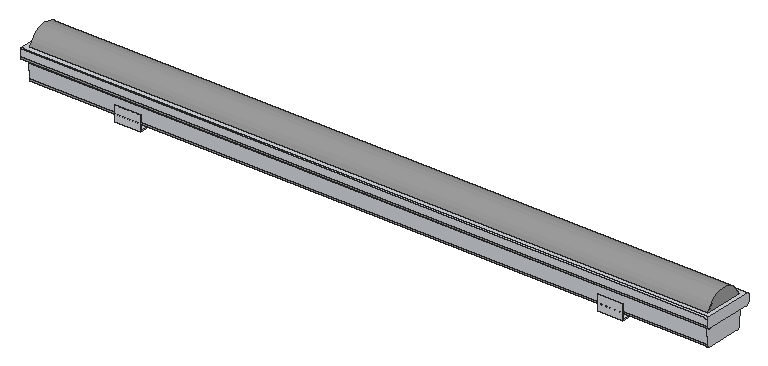
Revit family "0010234", category Lighting Fixtures, host Face, Revit 2017
Family settings
  Host = Face
  Round Connector Dimension = Use Diameter
  Part Type = Normal
  OmniClass Number = 23.80.70.00
  OmniClass Title = Lighting
  Cut with Voids When Loaded = No
  Light Source = Yes
  Shared = No
  Room Calculation Point = No
Parameters (values of type "0010234 RESISTO 1200 HE IP66 2800LM 840 EM")
  Weight = "2.12 kg"
  Wattage Comments = ""
  Wattage = 22 W
  WarrantyStartDate [instance] = "n/a"
  WarrantyGuarantorParts = "n/a"
  WarrantyDurationUnit = "n/a"
  WarrantyDurationParts = "n/a"
  WarrantyDescription = "n/a"
  WIDTH_SYL = 44.5 mm
  built-in parameter 1150110 = 1 (stored number, unit not read)
  Voltage = 0 V
  URL = "http://www.sylvania-lighting.com"
  TypeName = "Resisto  1200 HE IP66 2800lm 840 EM"
  Type Image = <None>
  Type Comments = "n/a"
  built-in parameter 1114217 = 1 (stored number, unit not read)
  Tilt Angle = -90.00°
  built-in parameter 1150109 = 1 (stored number, unit not read)
  built-in parameter 1150134 = 12
  TOP_WIDTH_SYL = 33.5 mm
  built-in parameter 1150113 = 1 (stored number, unit not read)
  SerialNumber [instance] = "n/a"
  Photometric Web File = "0010234.ies"
  Material_3_SYL = none
  PowerFactor = 0.95
  PowerConsumption = "22 W"
  NominalLength = 1200 mm
  NominalHeight = 80 mm
  NominalDepth = 87 mm
  Name = "Resisto  1200 HE IP66 2800lm 840 EM"
  ModelReference = Name  # "Resisto  1200 HE IP66 2800lm 840 EM"
  ModelNumber = "0010234"
  Model = Name  # "Resisto  1200 HE IP66 2800lm 840 EM"
  Material = "pc polycarbonate housing, pc polycarbonate diffuser"
  ManufacturerName = "Feilo Sylvania"
  Manufacturer = "Feilo Sylvania"
  MID_WIDTH_SYL = 36 mm
  LuminousEfficacy = "127 lm/W"
  built-in parameter 1150105 = 918.28 (stored number, unit not read)
  Lumens = 2794 lm
  LuminaireType = ""
  built-in parameter 1150115 = 1 (stored number, unit not read)
  LightOutputRatio = "n/a"
  built-in parameter 1150137 = (empty or 0)
  built-in parameter 1150139 = (empty or 0)
  LampsType = Lamp  # "LED"
  LampNominalLuminous = "2800 lm"
  LampMacAdamStep = "3"
  LampColourTemperature = "4000 K"
  LampColourRenderingIndex = "80"
  built-in parameter 1150112 = 1 (stored number, unit not read)
  built-in parameter 1150114 = 1 (stored number, unit not read)
  Lamp = "LED"
  LENGHT_SYL = if(L1500_SYL, 742 mm, if(L1200_SYL, 592 mm, 317 mm))  # 592 mm
  LENGHT_CHAMFER_SYL = if(L1500_SYL, 750 mm, if(L1200_SYL, 600 mm, 325 mm))  # 600 mm
  LENGHT_650_SYL = 325 mm
  LENGHT-_SYL = if(L1500_SYL, -742 mm, if(L1200_SYL, -592 mm, -317 mm))  # -592 mm
  LENGHT-_CHAMFER_SYL = if(L1500_SYL, -750 mm, if(L1200_SYL, -600 mm, -325 mm))  # -600 mm
  LEGHT_650-_SYL = -325 mm
  LEGHT_1500_SYL = 750 mm
  LEGHT_1500-_SYL = -750 mm
  LEGHT_1200_SYL = 600 mm
  LEGHT_1200-_SYL = -600 mm
  L0650_SYL = no
  L1500_SYL = no
  L1200_SYL = yes
  Keynote = "16500"
  InstallationDate [instance] = "n/a"
  InputVoltage = "n/a"
  InputNominalFrequency = "n/a"
  built-in parameter 1150132 = (empty or 0)
  built-in parameter 1150102 = (empty or 0)
  built-in parameter 1150107 = 4000 (stored number, unit not read)
  built-in parameter 1150138 = (empty or 0)
  IngressProtection = "IP66"
  ImpactProtectionIndex = "IK08"
  built-in parameter 1150106 = 9.1828 (stored number, unit not read)
  IfcExportType = "IfcLightFixtureType"
  IfcExportAs = "IfcLightFixtureType"
  Emit from Circle Diameter = 609.6 mm
  Emit Shape Visible in Rendering = no
  ElectricShockClassification = "Class I"
  built-in parameter 1150104 = 11.799 (stored number, unit not read)
  DocumentationLiterature = "http://www.sylvania-lighting.com/product/en-int/products/0010234"
  DimmingControlOptions = "n/a"
  Material_2_SYL = none
  Dimming Lamp Color Temperature Shift = <None>
  Description = "Resisto, integrated LED weatherproof luminaire, with UV stabilized flat diffuser designed to achieve uniform lit appearance, optimise light output and to reduce glare. 301 stainless steel diffuser clips and fixing brackets for surface mounting. Polycarbonate housing and diffuser - no yellow discolouration over time. 2800lm; 22W; 127lm/W; 4000K; SDCM<3; non dimmable; CRI80; IP66; IK08; Class I; 69,000hrs (L80B20) lifespan; 1200mm x 89mm x 88mm; D-mark; 3-hour maintained emergency batteries."
  Default Elevation = 1219.2 mm
  DIF_WIDHT_SYL = 35 mm
  DIF_HEIGHT_SYL = 24 mm
  CreatedOn = "3/10/2021"
  CreatedBy = "@sylvania-lighting.com"
  Cost = 0
  Color Filter = 16777215
  built-in parameter 1114216 [instance] = (empty or 0)
  ClassificationValue = "EF_70_80"
  ClassificationName = "Uniclass2015"
  Material_1_SYL = Default
  CHAMFER_SYL = 19 mm
  BarCode [instance] = "n/a"
  built-in parameter 1114218 = 1 (stored number, unit not read)
  BRACKET_WIDTH_SYL = BRACKET_DIST_SYL - 44 mm  # 400 mm
  BRACKET_HEIGHT_SYL = 9 mm
  BRACKET_DIST_SYL = LENGHT_CHAMFER_SYL - 156 mm  # 444 mm
  BODY_SYL = 36 mm
  built-in parameter 1150133 = 10 (stored number, unit not read)
  AssetType = "Fixed"
  AssetIdentifier [instance] = "n/a"
  Assembly Code = "D5020200"
  Apparent Load = 22 VA
  Material_4_SYL = none
Reference planes
  plane 1 "Center (Front/Back)": y = 0
  plane 2: z = 0
  plane 3 "Center (Left/Right)": x = 0
  plane 4: z = 9
  plane 5: z = 45
  plane 6: z = 64
  plane 7: z = 88
  plane 8: y = -44.5
  plane 9: y = 44.5
  plane 10: y = -35
  plane 11: y = 35
  plane 12: y = 33.5
  plane 13: y = -33.5
  plane 14: y = -36
  plane 15: y = 36
  plane 16: z = 1
Forms (mm)
  Extrusion 1, solid
    sketch origin (319, 1524, 1219.2) x (0, 1, 0) y (0, 0, 1)
      loop
        line (-1552.835, -1210.2) -> (-1495.165, -1210.2)
        arc (-1495.165, -1210.2) -> (-1491.754, -1208.856) -> (-1490.177, -1205.546) r 5
        line (-1490.177, -1205.546) -> (-1488.323, -1178.854) -> (-1488, -1174.2) -> (-1560, -1174.2) -> (-1559.677, -1178.854) -> (-1557.823, -1205.546)
        arc (-1557.823, -1205.546) -> (-1556.246, -1208.856) -> (-1552.835, -1210.2) r 5
    from -592 <- "LENGHT-_SYL" to 592 <- "LENGHT_SYL"
  Extrusion 2, solid, material "Default" <- "Material_1_SYL"
    sketch origin (319, 1524, 1219.2) x (0, 1, 0) y (0, 0, 1)
      loop
        arc (-1490.5, -1155.2) -> (-1524, -1131.2) -> (-1557.5, -1155.2) r 35.38
        line (-1557.5, -1155.2) -> (-1490.5, -1155.2)
    from -592 <- "LENGHT-_SYL" to 592 <- "LENGHT_SYL"
  Extrusion 3, solid
    sketch origin (319, 1524, 1219.2) x (0, 1, 0) y (0, 0, 1)
      loop
        line (-1481.5, -1155.2) -> (-1566.5, -1155.2)
        arc (-1566.5, -1155.2) -> (-1567.914, -1155.786) -> (-1568.5, -1157.2) r 2
        line (-1568.5, -1157.2) -> (-1568.5, -1169.2)
        arc (-1568.5, -1169.2) -> (-1567.036, -1172.736) -> (-1563.5, -1174.2) r 5
        line (-1563.5, -1174.2) -> (-1484.5, -1174.2)
        arc (-1484.5, -1174.2) -> (-1480.964, -1172.736) -> (-1479.5, -1169.2) r 5
        line (-1479.5, -1169.2) -> (-1479.5, -1157.2)
        arc (-1479.5, -1157.2) -> (-1480.086, -1155.786) -> (-1481.5, -1155.2) r 2
    from -600 <- "LENGHT-_CHAMFER_SYL" to 600 <- "LENGHT_CHAMFER_SYL"
  Extrusion 4, solid
    sketch origin (319, 1524, 1219.2) x (0, 1, 0) y (0, 0, 1)
      loop
        line (-1489, -1219.2) -> (-1489, -1192.216) -> (-1490.5, -1192.216) -> (-1490.5, -1218.2) -> (-1557.5, -1218.2) -> (-1557.5, -1192.172) -> (-1559, -1192.172) -> (-1559, -1219.2) -> (-1489, -1219.2)
    from 400 <- "BRACKET_WIDTH_SYL" to 444 <- "BRACKET_DIST_SYL"
  Extrusion 5, solid
    sketch origin (321, 1524, 1219.2) x (0, 1, 0) y (0, 0, -1)
      loop
        line (-1489, 1219.2) -> (-1559, 1219.2) -> (-1559, 1192.172) -> (-1557.5, 1192.172) -> (-1557.5, 1218.2) -> (-1490.5, 1218.2) -> (-1490.5, 1192.216) -> (-1489, 1192.216) -> (-1489, 1219.2)
    from 400 <- "BRACKET_WIDTH_SYL" to 444 <- "BRACKET_DIST_SYL"
Dimensions and locks
  "BRACKET_HEIGHT_SYL": plane 4 to host face
  "BODY_SYL": plane 4 to plane 5
  "CHAMFER_SYL": plane 5 to plane 6
  "DIF_HEIGHT_SYL": plane 6 to plane 7
  "WIDTH_SYL": plane 9 to plane 1 "Center (Front/Back)" to plane 8
  "DIF_WIDHT_SYL": plane 11 to plane 1 "Center (Front/Back)" to plane 10
  "TOP_WIDTH_SYL": plane 12 to plane 1 "Center (Front/Back)" to plane 13
  "MID_WIDTH_SYL": plane 15 to plane 1 "Center (Front/Back)" to plane 14
  aligned and locked: plane 2 to host face
  aligned and locked: level to host face
  aligned and locked: Extrusion 3 sketch curve to plane 6
  aligned and locked: Extrusion 3 sketch curve to plane 9
  aligned and locked: plane 5 to Extrusion 3 sketch curve
  aligned and locked: plane 8 to Extrusion 3 sketch curve
Automatic sketch dimensions
  host sketch curve to host sketch curve = 2438.4 mm  (x2)
  plane 5 to Extrusion 1 sketch curve = 0 mm
  Extrusion 1 sketch curve to plane 14 = 0 mm
  plane 4 to Extrusion 1 sketch curve = 0 mm
  Extrusion 1 sketch curve to plane 15 = 0 mm
  Extrusion 1 sketch curve to plane 14 = 0.323 mm
  plane 13 to Extrusion 1 sketch curve = 0.323 mm
  Extrusion 1 sketch curve to plane 13 = 4.665 mm
  plane 12 to Extrusion 1 sketch curve = 4.665 mm
  Extrusion 1 sketch curve to plane 12 = 0.323 mm
  plane 15 to Extrusion 1 sketch curve = 0.323 mm
  Extrusion 1 sketch curve to plane 4 = 4.654 mm  (x2)
  plane 5 to Extrusion 1 sketch curve = 4.654 mm  (x2)
  plane 6 to Extrusion 2 sketch curve = 0 mm
  Extrusion 2 sketch curve to plane 13 = 0 mm
  Extrusion 2 sketch curve to plane 1 "Center (Front/Back)" = 0 mm
  Extrusion 2 sketch curve to plane 5 = 7.62 mm
  Extrusion 3 sketch curve to plane 8 = 2 mm
  plane 14 to Extrusion 3 sketch curve = 3.5 mm
  Extrusion 3 sketch curve to plane 15 = 3.5 mm
  plane 6 to Extrusion 3 sketch curve = 2 mm
  Extrusion 4 sketch curve to level = 0 mm
  Extrusion 4 sketch curve to plane 10 = 0 mm
  Extrusion 4 sketch curve to plane 13 = 0 mm
  Extrusion 4 sketch curve to plane 12 = 0 mm
  Extrusion 4 sketch curve to plane 11 = 0 mm
  plane 16 to Extrusion 4 sketch curve = 0 mm
  Extrusion 4 sketch curve to plane 4 = 17.984 mm
  plane 5 to Extrusion 4 sketch curve = 17.972 mm
  Extrusion 5 sketch curve to level = 0 mm
  Extrusion 5 sketch curve to plane 10 = 0 mm
  Extrusion 5 sketch curve to plane 13 = 0 mm
  Extrusion 5 sketch curve to plane 12 = 0 mm
  Extrusion 5 sketch curve to plane 11 = 0 mm
  plane 16 to Extrusion 5 sketch curve = 0 mm
  Extrusion 5 sketch curve to plane 4 = 17.984 mm
  plane 5 to Extrusion 5 sketch curve = 17.972 mm
Connectors
  electrical at (-273, 0, 27)
    settings: on Extrusion 1, index 1, voltage 0 V, apparent load 0 VA, apparent load phase1 0 VA, apparent load phase2 0 VA, apparent load phase3 0 VA, power factor 1, load classification "Other", number of poles 1, system type 31, power factor state 1, is connector primary yes, connector utility no, sub classification motor no, connector description ""
Types (60, lengths in mm): name | Weight | Wattage | TypeName | built-in parameter 1150134 | Photometric Web File | PowerFactor | PowerConsumption | NominalLength | Name | ModelReference | ModelNumber | Model | LuminousEfficacy | built-in parameter 1150105 | Lumens | LampNominalLuminous | LampMacAdamStep | LampColourTemperature | LENGHT_SYL | LENGHT_CHAMFER_SYL | LENGHT-_SYL | LENGHT-_CHAMFER_SYL | L0650_SYL | L1500_SYL | L1200_SYL | built-in parameter 1150107 | built-in parameter 1150106 | built-in parameter 1150104 | DocumentationLiterature | Description | BRACKET_WIDTH_SYL | BRACKET_DIST_SYL | Apparent Load
  0010278 RESISTO 1500 HE IP66 8300LM 840 | "1.95 kg" | 54 W | "Resisto 1500 HE IP66 8300lm 840" | 12 | "0010278.ies" | 0.95 | "54 W" | 1500 | "Resisto 1500 HE IP66 8300lm 840" | "Resisto 1500 HE IP66 8300lm 840" | "0010278" | "Resisto 1500 HE IP66 8300lm 840" | "154 lm/W" | 2674.3 (stored number, unit not read) | 8316 lm | "8300 lm" | "3" | "4000 K" | 742 | 750 | -742 | -750 | no | yes | no | 4000 (stored number, unit not read) | 26.743 (stored number, unit not read) | 14.307 (stored number, unit not read) | "http://www.sylvania-lighting.com/product/en-int/products/0010278" | "Resisto, integrated LED weatherproof luminaire, with UV stabilized flat diffuser designed to achieve uniform lit appearance, optimise light output and to reduce glare. 301 stainless steel diffuser clips and fixing brackets for surface mounting. Polycarbonate housing and diffuser - no yellow discolouration over time. 8300lm; 54W; 154lm/W; 4000K; SDCM<3; non dimmable; CRI80; IP66; IK08; Class I; 69,000hrs (L80B20) lifespan; 1500mm x 89mm x 88mm; D-mark." | 550 | 594 | 54 VA
  0010274 RESISTO 1500 HE IP66 DALI 7100LM 840 | "2.01 kg" | 46 W | "Resisto 1500 HE IP66 DALI 7100lm 840" | 12 | "0010274.ies" | 0.98 | "46 W" | 1500 | "Resisto 1500 HE IP66 DALI 7100lm 840" | "Resisto 1500 HE IP66 DALI 7100lm 840" | "0010274" | "Resisto 1500 HE IP66 DALI 7100lm 840" | "154 lm/W" | 2362.2 (stored number, unit not read) | 7084 lm | "7100 lm" | "3" | "4000 K" | 742 | 750 | -742 | -750 | no | yes | no | 4000 (stored number, unit not read) | 23.622 (stored number, unit not read) | 14.307 (stored number, unit not read) | "http://www.sylvania-lighting.com/product/en-int/products/0010274" | "Resisto, integrated LED weatherproof luminaire, with UV stabilized flat diffuser designed to achieve uniform lit appearance, optimise light output and to reduce glare. 301 stainless steel diffuser clips and fixing brackets for surface mounting. Polycarbonate housing and diffuser - no yellow discolouration over time. 7100lm; 46W; 154lm/W; 4000K; SDCM<3; DALI dimmable; CRI80; IP66; IK08; Class I; 69,000hrs (L80B20) lifespan; 1500mm x 89mm x 88mm; D-mark." | 550 | 594 | 46 VA
  0010273 RESISTO 1500 HE IP66 DALI 4000LM 840 | "1.95 kg" | 25 W | "Resisto 1500 HE IP66 DALI 4000lm 840" | 12 | "0010273.ies" | 0.98 | "25 W" | 1500 | "Resisto 1500 HE IP66 DALI 4000lm 840" | "Resisto 1500 HE IP66 DALI 4000lm 840" | "0010273" | "Resisto 1500 HE IP66 DALI 4000lm 840" | "160 lm/W" | 1286.3 (stored number, unit not read) | 4000 lm | "4000 lm" | "3" | "4000 K" | 742 | 750 | -742 | -750 | no | yes | no | 4000 (stored number, unit not read) | 12.863 (stored number, unit not read) | 14.864 (stored number, unit not read) | "http://www.sylvania-lighting.com/product/en-int/products/0010273" | "Resisto, integrated LED weatherproof luminaire, with UV stabilized flat diffuser designed to achieve uniform lit appearance, optimise light output and to reduce glare. 301 stainless steel diffuser clips and fixing brackets for surface mounting. Polycarbonate housing and diffuser - no yellow discolouration over time. 4000lm; 25W; 160lm/W; 4000K; SDCM<3; DALI dimmable; CRI80; IP66; IK08; Class I; 69,000hrs (L80B20) lifespan; 1500mm x 89mm x 88mm; D-mark." | 550 | 594 | 25 VA
  0010272 RESISTO 1500 HE IP66 7100LM 840 EM | "2.58 kg" | 50 W | "Resisto 1500 HE IP66 7100lm 840 EM" | 12 | "0010272.ies" | 0.95 | "50 W" | 1500 | "Resisto 1500 HE IP66 7100lm 840 EM" | "Resisto 1500 HE IP66 7100lm 840 EM" | "0010272" | "Resisto 1500 HE IP66 7100lm 840 EM" | "142 lm/W" | 2367.5 (stored number, unit not read) | 7100 lm | "7100 lm" | "3" | "4000 K" | 742 | 750 | -742 | -750 | no | yes | no | 4000 (stored number, unit not read) | 23.675 (stored number, unit not read) | 13.192 (stored number, unit not read) | "http://www.sylvania-lighting.com/product/en-int/products/0010272" | "Resisto, integrated LED weatherproof luminaire, with UV stabilized flat diffuser designed to achieve uniform lit appearance, optimise light output and to reduce glare. 301 stainless steel diffuser clips and fixing brackets for surface mounting. Polycarbonate housing and diffuser - no yellow discolouration over time. 7100lm; 50W; 142lm/W; 4000K; SDCM<3; non dimmable; CRI80; IP66; IK08; Class I; 69,000hrs (L80B20) lifespan; 1500mm x 89mm x 88mm; D-mark; 3-hour maintained emergency batteries." | 550 | 594 | 50 VA
  0010271 RESISTO 1500 HE IP66 4000LM 840 EM | "2.51 kg" | 29 W | "Resisto 1500 HE IP66 4000lm 840 EM" | 12 | "0010271.ies" | 0.95 | "29 W" | 1500 | "Resisto 1500 HE IP66 4000lm 840 EM" | "Resisto 1500 HE IP66 4000lm 840 EM" | "0010271" | "Resisto 1500 HE IP66 4000lm 840 EM" | "138 lm/W" | 1287 (stored number, unit not read) | 4002 lm | "4000 lm" | "3" | "4000 K" | 742 | 750 | -742 | -750 | no | yes | no | 4000 (stored number, unit not read) | 12.87 (stored number, unit not read) | 12.821 (stored number, unit not read) | "http://www.sylvania-lighting.com/product/en-int/products/0010271" | "Resisto, integrated LED weatherproof luminaire, with UV stabilized flat diffuser designed to achieve uniform lit appearance, optimise light output and to reduce glare. 301 stainless steel diffuser clips and fixing brackets for surface mounting. Polycarbonate housing and diffuser - no yellow discolouration over time. 4000lm; 29W; 138lm/W; 4000K; SDCM<3; non dimmable; CRI80; IP66; IK08; Class I; 69,000hrs (L80B20) lifespan; 1500mm x 89mm x 88mm; D-mark; 3-hour maintained emergency batteries." | 550 | 594 | 29 VA
  0010269 RESISTO 1500 HE IP66 7100LM 840 | "1.95 kg" | 46 W | "Resisto  1500 HE IP66 7100lm 840" | 12 | "0010269.ies" | 0.95 | "46 W" | 1500 | "Resisto  1500 HE IP66 7100lm 840" | "Resisto  1500 HE IP66 7100lm 840" | "0010269" | "Resisto  1500 HE IP66 7100lm 840" | "154 lm/W" | 2362.2 (stored number, unit not read) | 7084 lm | "7100 lm" | "3" | "4000 K" | 742 | 750 | -742 | -750 | no | yes | no | 4000 (stored number, unit not read) | 23.622 (stored number, unit not read) | 14.307 (stored number, unit not read) | "http://www.sylvania-lighting.com/product/en-int/products/0010269" | "Resisto, integrated LED weatherproof luminaire, with UV stabilized flat diffuser designed to achieve uniform lit appearance, optimise light output and to reduce glare. 301 stainless steel diffuser clips and fixing brackets for surface mounting. Polycarbonate housing and diffuser - no yellow discolouration over time. 7100lm; 46W; 154lm/W; 4000K; SDCM<3; non dimmable; CRI80; IP66; IK08; Class I; 69,000hrs (L80B20) lifespan; 1500mm x 89mm x 88mm; D-mark." | 550 | 594 | 46 VA
  0010268 RESISTO 1500 HE IP66 4000LM 840 | "1.87 kg" | 25 W | "Resisto  1500 HE IP66 4000lm 840" | 12 | "0010268.ies" | 0.95 | "25 W" | 1500 | "Resisto  1500 HE IP66 4000lm 840" | "Resisto  1500 HE IP66 4000lm 840" | "0010268" | "Resisto  1500 HE IP66 4000lm 840" | "160 lm/W" | 1286.3 (stored number, unit not read) | 4000 lm | "4000 lm" | "3" | "4000 K" | 742 | 750 | -742 | -750 | no | yes | no | 4000 (stored number, unit not read) | 12.863 (stored number, unit not read) | 14.864 (stored number, unit not read) | "http://www.sylvania-lighting.com/product/en-int/products/0010268" | "Resisto, integrated LED weatherproof luminaire, with UV stabilized flat diffuser designed to achieve uniform lit appearance, optimise light output and to reduce glare. 301 stainless steel diffuser clips and fixing brackets for surface mounting. Polycarbonate housing and diffuser - no yellow discolouration over time. 4000lm; 25W; 160lm/W; 4000K; SDCM<3; non dimmable; CRI80; IP66; IK08; Class I; 69,000hrs (L80B20) lifespan; 1500mm x 89mm x 88mm; D-mark." | 550 | 594 | 25 VA
  0010261 RESISTO 1500 IP66 DALI 8300LM 840 | "2.01 kg" | 61 W | "Resisto  1500 IP66 DALI 8300lm 840" | 12 | "0010261.ies" | 0.99 | "61 W" | 1500 | "Resisto  1500 IP66 DALI 8300lm 840" | "Resisto  1500 IP66 DALI 8300lm 840" | "0010261" | "Resisto  1500 IP66 DALI 8300lm 840" | "136 lm/W" | 2792.8 (stored number, unit not read) | 8296 lm | "8300 lm" | "5" | "4000 K" | 742 | 750 | -742 | -750 | no | yes | no | 4000 (stored number, unit not read) | 27.928 (stored number, unit not read) | 12.635 (stored number, unit not read) | "http://www.sylvania-lighting.com/product/en-int/products/0010261" | "Resisto, integrated LED weatherproof luminaire, with UV stabilized flat diffuser designed to achieve uniform lit appearance, optimise light output and to reduce glare. 301 stainless steel diffuser clips and fixing brackets for surface mounting. Polycarbonate housing and diffuser - no yellow discolouration over time. 8300lm; 61W; 136lm/W; 4000K; SDCM<5; DALI dimmable; CRI80; IP66; IK08; Class I; 69,000hrs (L80B20) lifespan; 1500mm x 89mm x 88mm; D-mark." | 550 | 594 | 61 VA
  0010260 RESISTO 1500 IP66 DALI 7100LM 840 | "2.01 kg" | 52 W | "Resisto  1500 IP66 DALI 7100lm 840" | 12 | "0010260.ies" | 0.99 | "52 W" | 1500 | "Resisto  1500 IP66 DALI 7100lm 840" | "Resisto  1500 IP66 DALI 7100lm 840" | "0010260" | "Resisto  1500 IP66 DALI 7100lm 840" | "137 lm/W" | 2375.5 (stored number, unit not read) | 7124 lm | "7100 lm" | "5" | "4000 K" | 742 | 750 | -742 | -750 | no | yes | no | 4000 (stored number, unit not read) | 23.755 (stored number, unit not read) | 12.728 (stored number, unit not read) | "http://www.sylvania-lighting.com/product/en-int/products/0010260" | "Resisto, integrated LED weatherproof luminaire, with UV stabilized flat diffuser designed to achieve uniform lit appearance, optimise light output and to reduce glare. 301 stainless steel diffuser clips and fixing brackets for surface mounting. Polycarbonate housing and diffuser - no yellow discolouration over time. 7100lm; 52W; 137lm/W; 4000K; SDCM<5; DALI dimmable; CRI80; IP66; IK08; Class I; 69,000hrs (L80B20) lifespan; 1500mm x 89mm x 88mm; D-mark." | 550 | 594 | 52 VA
  0010259 RESISTO 1500 IP66 DALI 4000LM 840 | "1.95 kg" | 30 W | "Resisto  1500 IP66 DALI 4000lm 840" | 12 | "0010259.ies" | 0.98 | "30 W" | 1500 | "Resisto  1500 IP66 DALI 4000lm 840" | "Resisto  1500 IP66 DALI 4000lm 840" | "0010259" | "Resisto  1500 IP66 DALI 4000lm 840" | "133 lm/W" | 1283.1 (stored number, unit not read) | 3990 lm | "4000 lm" | "5" | "4000 K" | 742 | 750 | -742 | -750 | no | yes | no | 4000 (stored number, unit not read) | 12.831 (stored number, unit not read) | 12.356 (stored number, unit not read) | "http://www.sylvania-lighting.com/product/en-int/products/0010259" | "Resisto, integrated LED weatherproof luminaire, with UV stabilized flat diffuser designed to achieve uniform lit appearance, optimise light output and to reduce glare. 301 stainless steel diffuser clips and fixing brackets for surface mounting. Polycarbonate housing and diffuser - no yellow discolouration over time. 4000lm; 30W; 133lm/W; 4000K; SDCM<5; DALI dimmable; CRI80; IP66; IK08; Class I; 69,000hrs (L80B20) lifespan; 1500mm x 89mm x 88mm; D-mark." | 550 | 594 | 30 VA
  0010258 RESISTO 1500 IP66 MWCOR 7100LM 840 | "2.06 kg" | 52 W | "Resisto  1500 IP66 MWcor 7100lm 840" | 12 | "0010258.ies" | 0.99 | "52 W" | 1500 | "Resisto  1500 IP66 MWcor 7100lm 840" | "Resisto  1500 IP66 MWcor 7100lm 840" | "0010258" | "Resisto  1500 IP66 MWcor 7100lm 840" | "137 lm/W" | 2375.5 (stored number, unit not read) | 7124 lm | "7100 lm" | "5" | "4000 K" | 742 | 750 | -742 | -750 | no | yes | no | 4000 (stored number, unit not read) | 23.755 (stored number, unit not read) | 12.728 (stored number, unit not read) | "http://www.sylvania-lighting.com/product/en-int/products/0010258" | "Resisto, integrated LED weatherproof luminaire, with UV stabilized flat diffuser designed to achieve uniform lit appearance, optimise light output and to reduce glare. 301 stainless steel diffuser clips and fixing brackets for surface mounting. Polycarbonate housing and diffuser - no yellow discolouration over time. 7100lm; 52W; 137lm/W; 4000K; SDCM<5; non dimmable; CRI80; IP66; IK08; Class I; 69,000hrs (L80B20) lifespan; 1500mm x 89mm x 88mm; D-mark; corridor function with microwave presence sensor." | 550 | 594 | 52 VA
  0010257 RESISTO 1500 IP66 MWCOR 4000LM 840 | "2.0 kg" | 30 W | "Resisto  1500 IP66 MWcor 4000lm 840" | 12 | "0010257.ies" | 0.98 | "30 W" | 1500 | "Resisto  1500 IP66 MWcor 4000lm 840" | "Resisto  1500 IP66 MWcor 4000lm 840" | "0010257" | "Resisto  1500 IP66 MWcor 4000lm 840" | "133 lm/W" | 1283.1 (stored number, unit not read) | 3990 lm | "4000 lm" | "5" | "4000 K" | 742 | 750 | -742 | -750 | no | yes | no | 4000 (stored number, unit not read) | 12.831 (stored number, unit not read) | 12.356 (stored number, unit not read) | "http://www.sylvania-lighting.com/product/en-int/products/0010257" | "Resisto, integrated LED weatherproof luminaire, with UV stabilized flat diffuser designed to achieve uniform lit appearance, optimise light output and to reduce glare. 301 stainless steel diffuser clips and fixing brackets for surface mounting. Polycarbonate housing and diffuser - no yellow discolouration over time. 4000lm; 30W; 133lm/W; 4000K; SDCM<5; non dimmable; CRI80; IP66; IK08; Class I; 69,000hrs (L80B20) lifespan; 1500mm x 89mm x 88mm; D-mark; corridor function with microwave presence sensor." | 550 | 594 | 30 VA
  0010256 RESISTO 1500 IP66 MW 7100LM 840 | "2.0 kg" | 52 W | "Resisto  1500 IP66 MW 7100lm 840" | 12 | "0010256.ies" | 0.95 | "52 W" | 1500 | "Resisto  1500 IP66 MW 7100lm 840" | "Resisto  1500 IP66 MW 7100lm 840" | "0010256" | "Resisto  1500 IP66 MW 7100lm 840" | "137 lm/W" | 2375.5 (stored number, unit not read) | 7124 lm | "7100 lm" | "5" | "4000 K" | 742 | 750 | -742 | -750 | no | yes | no | 4000 (stored number, unit not read) | 23.755 (stored number, unit not read) | 12.728 (stored number, unit not read) | "http://www.sylvania-lighting.com/product/en-int/products/0010256" | "Resisto, integrated LED weatherproof luminaire, with UV stabilized flat diffuser designed to achieve uniform lit appearance, optimise light output and to reduce glare. 301 stainless steel diffuser clips and fixing brackets for surface mounting. Polycarbonate housing and diffuser - no yellow discolouration over time. 7100lm; 52W; 137lm/W; 4000K; SDCM<5; non dimmable; CRI80; IP66; IK08; Class I; 69,000hrs (L80B20) lifespan; 1500mm x 89mm x 88mm; D-mark; MW On/Off." | 550 | 594 | 52 VA
  0010255 RESISTO 1500 IP66 MW 4000LM 840 | "1.92 kg" | 30 W | "Resisto  1500 IP66 MW 4000lm 840" | 12 | "0010255.ies" | 0.95 | "30 W" | 1500 | "Resisto  1500 IP66 MW 4000lm 840" | "Resisto  1500 IP66 MW 4000lm 840" | "0010255" | "Resisto  1500 IP66 MW 4000lm 840" | "133 lm/W" | 1283.1 (stored number, unit not read) | 3990 lm | "4000 lm" | "5" | "4000 K" | 742 | 750 | -742 | -750 | no | yes | no | 4000 (stored number, unit not read) | 12.831 (stored number, unit not read) | 12.356 (stored number, unit not read) | "http://www.sylvania-lighting.com/product/en-int/products/0010255" | "Resisto, integrated LED weatherproof luminaire, with UV stabilized flat diffuser designed to achieve uniform lit appearance, optimise light output and to reduce glare. 301 stainless steel diffuser clips and fixing brackets for surface mounting. Polycarbonate housing and diffuser - no yellow discolouration over time. 4000lm; 30W; 133lm/W; 4000K; SDCM<5; non dimmable; CRI80; IP66; IK08; Class I; 69,000hrs (L80B20) lifespan; 1500mm x 89mm x 88mm; D-mark; MW On/Off." | 550 | 594 | 30 VA
  0010254 RESISTO 1500 IP66 7100LM 840 EM | "2.59 kg" | 56 W | "Resisto  1500 IP66 7100lm 840 EM" | 12 | "0010254.ies" | 0.95 | "56 W" | 1500 | "Resisto  1500 IP66 7100lm 840 EM" | "Resisto  1500 IP66 7100lm 840 EM" | "0010254" | "Resisto  1500 IP66 7100lm 840 EM" | "127 lm/W" | 2371.5 (stored number, unit not read) | 7112 lm | "7100 lm" | "5" | "4000 K" | 742 | 750 | -742 | -750 | no | yes | no | 4000 (stored number, unit not read) | 23.715 (stored number, unit not read) | 11.799 (stored number, unit not read) | "http://www.sylvania-lighting.com/product/en-int/products/0010254" | "Resisto, integrated LED weatherproof luminaire, with UV stabilized flat diffuser designed to achieve uniform lit appearance, optimise light output and to reduce glare. 301 stainless steel diffuser clips and fixing brackets for surface mounting. Polycarbonate housing and diffuser - no yellow discolouration over time. 7100lm; 56W; 127lm/W; 4000K; SDCM<5; non dimmable; CRI80; IP66; IK08; Class I; 69,000hrs (L80B20) lifespan; 1500mm x 89mm x 88mm; D-mark; 3-hour maintained emergency batteries." | 550 | 594 | 56 VA
  0010253 RESISTO 1500 IP66 4000LM 840 EM | "2.5 kg" | 34 W | "Resisto  1500 IP66 4000lm 840 EM" | 12 | "0010253.ies" | 0.95 | "34 W" | 1500 | "Resisto  1500 IP66 4000lm 840 EM" | "Resisto  1500 IP66 4000lm 840 EM" | "0010253" | "Resisto  1500 IP66 4000lm 840 EM" | "118 lm/W" | 1290.2 (stored number, unit not read) | 4012 lm | "4000 lm" | "5" | "4000 K" | 742 | 750 | -742 | -750 | no | yes | no | 4000 (stored number, unit not read) | 12.902 (stored number, unit not read) | 10.963 (stored number, unit not read) | "http://www.sylvania-lighting.com/product/en-int/products/0010253" | "Resisto, integrated LED weatherproof luminaire, with UV stabilized flat diffuser designed to achieve uniform lit appearance, optimise light output and to reduce glare. 301 stainless steel diffuser clips and fixing brackets for surface mounting. Polycarbonate housing and diffuser - no yellow discolouration over time. 4000lm; 34W; 118lm/W; 4000K; SDCM<5; non dimmable; CRI80; IP66; IK08; Class I; 69,000hrs (L80B20) lifespan; 1500mm x 89mm x 88mm; D-mark; 3-hour maintained emergency batteries." | 550 | 594 | 34 VA
  0010252 RESISTO 1500 IP66 7100LM 840 5XTH | "2.18 kg" | 52 W | "Resisto 1500 IP66 7100lm 840 5xTH" | 12 | "0010252.ies" | 0.95 | "52 W" | 1500 | "Resisto 1500 IP66 7100lm 840 5xTH" | "Resisto 1500 IP66 7100lm 840 5xTH" | "0010252" | "Resisto 1500 IP66 7100lm 840 5xTH" | "137 lm/W" | 2375.5 (stored number, unit not read) | 7124 lm | "7100 lm" | "5" | "4000 K" | 742 | 750 | -742 | -750 | no | yes | no | 4000 (stored number, unit not read) | 23.755 (stored number, unit not read) | 12.728 (stored number, unit not read) | "http://www.sylvania-lighting.com/product/en-int/products/0010252" | "Resisto, integrated LED weatherproof luminaire, with UV stabilized flat diffuser designed to achieve uniform lit appearance, optimise light output and to reduce glare. 301 stainless steel diffuser clips and fixing brackets for surface mounting. Polycarbonate housing and diffuser - no yellow discolouration over time. 7100lm; 52W; 137lm/W; 4000K; SDCM<5; non dimmable; CRI80; IP66; IK08; Class I; 69,000hrs (L80B20) lifespan; 1500mm x 89mm x 88mm; D-mark; through wiring." | 550 | 594 | 52 VA
  0010251 RESISTO 1500 IP66 4000LM 840 5XTH | "2.1 kg" | 30 W | "Resisto 1500 IP66 4000lm 840 5xTH" | 12 | "0010251.ies" | 0.95 | "30 W" | 1500 | "Resisto 1500 IP66 4000lm 840 5xTH" | "Resisto 1500 IP66 4000lm 840 5xTH" | "0010251" | "Resisto 1500 IP66 4000lm 840 5xTH" | "133 lm/W" | 1283.1 (stored number, unit not read) | 3990 lm | "4000 lm" | "5" | "4000 K" | 742 | 750 | -742 | -750 | no | yes | no | 4000 (stored number, unit not read) | 12.831 (stored number, unit not read) | 12.356 (stored number, unit not read) | "http://www.sylvania-lighting.com/product/en-int/products/0010251" | "Resisto, integrated LED weatherproof luminaire, with UV stabilized flat diffuser designed to achieve uniform lit appearance, optimise light output and to reduce glare. 301 stainless steel diffuser clips and fixing brackets for surface mounting. Polycarbonate housing and diffuser - no yellow discolouration over time. 4000lm; 30W; 133lm/W; 4000K; SDCM<5; non dimmable; CRI80; IP66; IK08; Class I; 69,000hrs (L80B20) lifespan; 1500mm x 89mm x 88mm; D-mark; through wiring." | 550 | 594 | 30 VA
  0010250 RESISTO 1500 IP66 7100LM 840 QC | "2.02 kg" | 52 W | "Resisto  1500 IP66 7100lm 840 QC" | 12 | "0010250.ies" | 0.95 | "52 W" | 1512 | "Resisto  1500 IP66 7100lm 840 QC" | "Resisto  1500 IP66 7100lm 840 QC" | "0010250" | "Resisto  1500 IP66 7100lm 840 QC" | "137 lm/W" | 2375.5 (stored number, unit not read) | 7124 lm | "7100 lm" | "5" | "4000 K" | 742 | 750 | -742 | -750 | no | yes | no | 4000 (stored number, unit not read) | 23.755 (stored number, unit not read) | 12.728 (stored number, unit not read) | "http://www.sylvania-lighting.com/product/en-int/products/0010250" | "Resisto, integrated LED weatherproof luminaire, with UV stabilized flat diffuser designed to achieve uniform lit appearance, optimise light output and to reduce glare. 301 stainless steel diffuser clips and fixing brackets for surface mounting. Polycarbonate housing and diffuser - no yellow discolouration over time. 7100lm; 52W; 137lm/W; 4000K; SDCM<5; non dimmable; CRI80; IP66; IK08; Class I; 69,000hrs (L80B20) lifespan; 1500mm x 89mm x 88mm; D-mark; assembled with quick connector." | 550 | 594 | 52 VA
  0010249 RESISTO 1500 IP66 4000LM 840 QC | "1.94 kg" | 30 W | "Resisto  1500 IP66 4000lm 840 QC" | 12 | "0010249.ies" | 0.95 | "30 W" | 1512 | "Resisto  1500 IP66 4000lm 840 QC" | "Resisto  1500 IP66 4000lm 840 QC" | "0010249" | "Resisto  1500 IP66 4000lm 840 QC" | "133 lm/W" | 1283.1 (stored number, unit not read) | 3990 lm | "4000 lm" | "5" | "4000 K" | 742 | 750 | -742 | -750 | no | yes | no | 4000 (stored number, unit not read) | 12.831 (stored number, unit not read) | 12.356 (stored number, unit not read) | "http://www.sylvania-lighting.com/product/en-int/products/0010249" | "Resisto, integrated LED weatherproof luminaire, with UV stabilized flat diffuser designed to achieve uniform lit appearance, optimise light output and to reduce glare. 301 stainless steel diffuser clips and fixing brackets for surface mounting. Polycarbonate housing and diffuser - no yellow discolouration over time. 4000lm; 30W; 133lm/W; 4000K; SDCM<5; non dimmable; CRI80; IP66; IK08; Class I; 69,000hrs (L80B20) lifespan; 1500mm x 89mm x 88mm; D-mark; assembled with quick connector." | 550 | 594 | 30 VA
  0010248 RESISTO 1500 IP66 8300LM 865 | "1.95 kg" | 61 W | "Resisto  1500 IP66 8300lm 865" | 1 | "0010248.ies" | 0.95 | "61 W" | 1500 | "Resisto  1500 IP66 8300lm 865" | "Resisto  1500 IP66 8300lm 865" | "0010248" | "Resisto  1500 IP66 8300lm 865" | "136 lm/W" | 2792.8 (stored number, unit not read) | 8296 lm | "8300 lm" | "5" | "6500 K" | 742 | 750 | -742 | -750 | no | yes | no | 6500 (stored number, unit not read) | 27.928 (stored number, unit not read) | 12.635 (stored number, unit not read) | "http://www.sylvania-lighting.com/product/en-int/products/0010248" | "Resisto, integrated LED weatherproof luminaire, with UV stabilized flat diffuser designed to achieve uniform lit appearance, optimise light output and to reduce glare. 301 stainless steel diffuser clips and fixing brackets for surface mounting. Polycarbonate housing and diffuser - no yellow discolouration over time. 8300lm; 61W; 136lm/W; 6500K; SDCM<5; non dimmable; CRI80; IP66; IK08; Class I; 69,000hrs (L80B20) lifespan; 1500mm x 89mm x 88mm; D-mark." | 550 | 594 | 61 VA
  0010247 RESISTO 1500 IP66 7100LM 865 | "1.95 kg" | 52 W | "Resisto  1500 IP66 7100lm 865" | 1 | "0010247.ies" | 0.95 | "52 W" | 1500 | "Resisto  1500 IP66 7100lm 865" | "Resisto  1500 IP66 7100lm 865" | "0010247" | "Resisto  1500 IP66 7100lm 865" | "137 lm/W" | 2375.5 (stored number, unit not read) | 7124 lm | "7100 lm" | "5" | "6500 K" | 742 | 750 | -742 | -750 | no | yes | no | 6500 (stored number, unit not read) | 23.755 (stored number, unit not read) | 12.728 (stored number, unit not read) | "http://www.sylvania-lighting.com/product/en-int/products/0010247" | "Resisto, integrated LED weatherproof luminaire, with UV stabilized flat diffuser designed to achieve uniform lit appearance, optimise light output and to reduce glare. 301 stainless steel diffuser clips and fixing brackets for surface mounting. Polycarbonate housing and diffuser - no yellow discolouration over time. 7100lm; 52W; 137lm/W; 6500K; SDCM<5; non dimmable; CRI80; IP66; IK08; Class I; 69,000hrs (L80B20) lifespan; 1500mm x 89mm x 88mm; D-mark." | 550 | 594 | 52 VA
  0010246 RESISTO 1500 IP66 4000LM 865 | "1.87 kg" | 30 W | "Resisto  1500 IP66 4000lm 865" | 1 | "0010246.ies" | 0.95 | "30 W" | 1500 | "Resisto  1500 IP66 4000lm 865" | "Resisto  1500 IP66 4000lm 865" | "0010246" | "Resisto  1500 IP66 4000lm 865" | "133 lm/W" | 1283.1 (stored number, unit not read) | 3990 lm | "4000 lm" | "5" | "6500 K" | 742 | 750 | -742 | -750 | no | yes | no | 6500 (stored number, unit not read) | 12.831 (stored number, unit not read) | 12.356 (stored number, unit not read) | "http://www.sylvania-lighting.com/product/en-int/products/0010246" | "Resisto, integrated LED weatherproof luminaire, with UV stabilized flat diffuser designed to achieve uniform lit appearance, optimise light output and to reduce glare. 301 stainless steel diffuser clips and fixing brackets for surface mounting. Polycarbonate housing and diffuser - no yellow discolouration over time. 4000lm; 30W; 133lm/W; 6500K; SDCM<5; non dimmable; CRI80; IP66; IK08; Class I; 69,000hrs (L80B20) lifespan; 1500mm x 89mm x 88mm; D-mark." | 550 | 594 | 30 VA
  0010245 RESISTO 1500 IP66 8300LM 840 | "15.48 kg" | 61 W | "Resisto  1500 IP66 8300lm 840" | 12 | "0010245.ies" | 0.95 | "61.0 W" | 1500 | "Resisto  1500 IP66 8300lm 840" | "Resisto  1500 IP66 8300lm 840" | "0010245" | "Resisto  1500 IP66 8300lm 840" | "136 lm/W" | -23179853.6 (stored number, unit not read) | 8296 lm | "8300 lm" | "5" | "4000 K" | 742 | 750 | -742 | -750 | no | yes | no | 4000 (stored number, unit not read) | -231798.5 (stored number, unit not read) | 12.635 (stored number, unit not read) | "http://www.sylvania-lighting.com/product/en-int/products/0010245" | "Resisto, integrated LED weatherproof luminaire, with UV stabilized flat diffuser designed to achieve uniform lit appearance, optimise light output and to reduce glare. 301 stainless steel diffuser clips and fixing brackets for surface mounting. Polycarbonate housing and diffuser - no yellow discolouration over time. 8300lm; 61W; 136lm/W; 4000K; SDCM<5; non dimmable; CRI80; IP66; IK08; Class I; 69,000hrs (L80B20) lifespan; 1500mm x 89mm x 88mm; D-mark." | 550 | 594 | 61 VA
  0010244 RESISTO 1500 IP66 7100LM 840 | "15.48 kg" | 52 W | "Resisto  1500 IP66 7100lm 840" | 12 | "0010244.ies" | 0.95 | "52.0 W" | 1500 | "Resisto  1500 IP66 7100lm 840" | "Resisto  1500 IP66 7100lm 840" | "0010244" | "Resisto  1500 IP66 7100lm 840" | "137 lm/W" | -16865856.3 (stored number, unit not read) | 7124 lm | "7100 lm" | "5" | "4000 K" | 742 | 750 | -742 | -750 | no | yes | no | 4000 (stored number, unit not read) | -168658.6 (stored number, unit not read) | 12.728 (stored number, unit not read) | "http://www.sylvania-lighting.com/product/en-int/products/0010244" | "Resisto, integrated LED weatherproof luminaire, with UV stabilized flat diffuser designed to achieve uniform lit appearance, optimise light output and to reduce glare. 301 stainless steel diffuser clips and fixing brackets for surface mounting. Polycarbonate housing and diffuser - no yellow discolouration over time. 7100lm; 52W; 137lm/W; 4000K; SDCM<5; non dimmable; CRI80; IP66; IK08; Class I; 69,000hrs (L80B20) lifespan; 1500mm x 89mm x 88mm; D-mark." | 550 | 594 | 52 VA
  0010243 RESISTO 1500 IP66 4000LM 840 | "1.87 kg" | 30 W | "Resisto  1500 IP66 4000lm 840" | 12 | "0010243.ies" | 0.95 | "30 W" | 1500 | "Resisto  1500 IP66 4000lm 840" | "Resisto  1500 IP66 4000lm 840" | "0010243" | "Resisto  1500 IP66 4000lm 840" | "133 lm/W" | 1283.1 (stored number, unit not read) | 3990 lm | "4000 lm" | "5" | "4000 K" | 742 | 750 | -742 | -750 | no | yes | no | 4000 (stored number, unit not read) | 12.831 (stored number, unit not read) | 12.356 (stored number, unit not read) | "http://www.sylvania-lighting.com/product/en-int/products/0010243" | "Resisto, integrated LED weatherproof luminaire, with UV stabilized flat diffuser designed to achieve uniform lit appearance, optimise light output and to reduce glare. 301 stainless steel diffuser clips and fixing brackets for surface mounting. Polycarbonate housing and diffuser - no yellow discolouration over time. 4000lm; 30W; 133lm/W; 4000K; SDCM<5; non dimmable; CRI80; IP66; IK08; Class I; 69,000hrs (L80B20) lifespan; 1500mm x 89mm x 88mm; D-mark." | 550 | 594 | 30 VA
  0010242 RESISTO 1500 IP66 8300LM 830 | "1.95 kg" | 61 W | "Resisto  1500 IP66 8300lm 830" | (empty or 0) | "0010242.ies" | 0.95 | "61 W" | 1500 | "Resisto  1500 IP66 8300lm 830" | "Resisto  1500 IP66 8300lm 830" | "0010242" | "Resisto  1500 IP66 8300lm 830" | "136 lm/W" | 2792.8 (stored number, unit not read) | 8296 lm | "8300 lm" | "5" | "3000 K" | 742 | 750 | -742 | -750 | no | yes | no | 3000 (stored number, unit not read) | 27.928 (stored number, unit not read) | 12.635 (stored number, unit not read) | "http://www.sylvania-lighting.com/product/en-int/products/0010242" | "Resisto, integrated LED weatherproof luminaire, with UV stabilized flat diffuser designed to achieve uniform lit appearance, optimise light output and to reduce glare. 301 stainless steel diffuser clips and fixing brackets for surface mounting. Polycarbonate housing and diffuser - no yellow discolouration over time. 8300lm; 61W; 136lm/W; 3000K; SDCM<5; non dimmable; CRI80; IP66; IK08; Class I; 69,000hrs (L80B20) lifespan; 1500mm x 89mm x 88mm; D-mark." | 550 | 594 | 61 VA
  0010241 RESISTO 1500 IP66 7100LM 830 | "1.95 kg" | 52 W | "Resisto  1500 IP66 7100lm 830" | (empty or 0) | "0010241.ies" | 0.95 | "52 W" | 1500 | "Resisto  1500 IP66 7100lm 830" | "Resisto  1500 IP66 7100lm 830" | "0010241" | "Resisto  1500 IP66 7100lm 830" | "137 lm/W" | 2375.5 (stored number, unit not read) | 7124 lm | "7100 lm" | "5" | "3000 K" | 742 | 750 | -742 | -750 | no | yes | no | 3000 (stored number, unit not read) | 23.755 (stored number, unit not read) | 12.728 (stored number, unit not read) | "http://www.sylvania-lighting.com/product/en-int/products/0010241" | "Resisto, integrated LED weatherproof luminaire, with UV stabilized flat diffuser designed to achieve uniform lit appearance, optimise light output and to reduce glare. 301 stainless steel diffuser clips and fixing brackets for surface mounting. Polycarbonate housing and diffuser - no yellow discolouration over time. 7100lm; 52W; 137lm/W; 3000K; SDCM<5; non dimmable; CRI80; IP66; IK08; Class I; 69,000hrs (L80B20) lifespan; 1500mm x 89mm x 88mm; D-mark." | 550 | 594 | 52 VA
  0010240 RESISTO 1500 IP66 4000LM 830 | "1.87 kg" | 30 W | "Resisto  1500 IP66 4000lm 830" | (empty or 0) | "0010240.ies" | 0.95 | "30 W" | 1500 | "Resisto  1500 IP66 4000lm 830" | "Resisto  1500 IP66 4000lm 830" | "0010240" | "Resisto  1500 IP66 4000lm 830" | "133 lm/W" | 1283.1 (stored number, unit not read) | 3990 lm | "4000 lm" | "5" | "3000 K" | 742 | 750 | -742 | -750 | no | yes | no | 3000 (stored number, unit not read) | 12.831 (stored number, unit not read) | 12.356 (stored number, unit not read) | "http://www.sylvania-lighting.com/product/en-int/products/0010240" | "Resisto, integrated LED weatherproof luminaire, with UV stabilized flat diffuser designed to achieve uniform lit appearance, optimise light output and to reduce glare. 301 stainless steel diffuser clips and fixing brackets for surface mounting. Polycarbonate housing and diffuser - no yellow discolouration over time. 4000lm; 30W; 133lm/W; 3000K; SDCM<5; non dimmable; CRI80; IP66; IK08; Class I; 69,000hrs (L80B20) lifespan; 1500mm x 89mm x 88mm; D-mark." | 550 | 594 | 30 VA
  0010237 RESISTO 1200 HE IP66 DALI 4800LM 840 | "1.59 kg" | 31 W | "Resisto  1200 HE IP66 DALI 4800lm 840" | 12 | "0010237.ies" | 0.98 | "31 W" | 1200 | "Resisto  1200 HE IP66 DALI 4800lm 840" | "Resisto  1200 HE IP66 DALI 4800lm 840" | "0010237" | "Resisto  1200 HE IP66 DALI 4800lm 840" | "155 lm/W" | 1587 (stored number, unit not read) | 4805 lm | "4800 lm" | "3" | "4000 K" | 592 | 600 | -592 | -600 | no | no | yes | 4000 (stored number, unit not read) | 15.87 (stored number, unit not read) | 14.4 (stored number, unit not read) | "http://www.sylvania-lighting.com/product/en-int/products/0010237" | "Resisto, integrated LED weatherproof luminaire, with UV stabilized flat diffuser designed to achieve uniform lit appearance, optimise light output and to reduce glare. 301 stainless steel diffuser clips and fixing brackets for surface mounting. Polycarbonate housing and diffuser - no yellow discolouration over time. 4800lm; 31W; 155lm/W; 4000K; SDCM<3; DALI dimmable; CRI80; IP66; IK08; Class I; 69,000hrs (L80B20) lifespan; 1200mm x 89mm x 88mm; D-mark." | 400 | 444 | 31 VA
  0010236 RESISTO 1200 HE IP66 DALI 2800LM 840 | "1.51 kg" | 18 W | "Resisto  1200 HE IP66 DALI 2800lm 840" | 12 | "0010236.ies" | 0.98 | "18 W" | 1200 | "Resisto  1200 HE IP66 DALI 2800lm 840" | "Resisto  1200 HE IP66 DALI 2800lm 840" | "0010236" | "Resisto  1200 HE IP66 DALI 2800lm 840" | "156 lm/W" | 922.88 (stored number, unit not read) | 2808 lm | "2800 lm" | "3" | "4000 K" | 592 | 600 | -592 | -600 | no | no | yes | 4000 (stored number, unit not read) | 9.2288 (stored number, unit not read) | 14.493 (stored number, unit not read) | "http://www.sylvania-lighting.com/product/en-int/products/0010236" | "Resisto, integrated LED weatherproof luminaire, with UV stabilized flat diffuser designed to achieve uniform lit appearance, optimise light output and to reduce glare. 301 stainless steel diffuser clips and fixing brackets for surface mounting. Polycarbonate housing and diffuser - no yellow discolouration over time. 2800lm; 18W; 156lm/W; 4000K; SDCM<3; DALI dimmable; CRI80; IP66; IK08; Class I; 69,000hrs (L80B20) lifespan; 1200mm x 89mm x 88mm; D-mark." | 400 | 444 | 18 VA
  0010235 RESISTO 1200 HE IP66 4800LM 840 EM | "2.12 kg" | 35 W | "Resisto  1200 HE IP66 4800lm 840 EM" | 12 | "0010235.ies" | 0.95 | "35 W" | 1200 | "Resisto  1200 HE IP66 4800lm 840 EM" | "Resisto  1200 HE IP66 4800lm 840 EM" | "0010235" | "Resisto  1200 HE IP66 4800lm 840 EM" | "137 lm/W" | 1583.6 (stored number, unit not read) | 4795 lm | "4800 lm" | "3" | "4000 K" | 592 | 600 | -592 | -600 | no | no | yes | 4000 (stored number, unit not read) | 15.836 (stored number, unit not read) | 12.728 (stored number, unit not read) | "http://www.sylvania-lighting.com/product/en-int/products/0010235" | "Resisto, integrated LED weatherproof luminaire, with UV stabilized flat diffuser designed to achieve uniform lit appearance, optimise light output and to reduce glare. 301 stainless steel diffuser clips and fixing brackets for surface mounting. Polycarbonate housing and diffuser - no yellow discolouration over time. 4800lm; 35W; 137lm/W; 4000K; SDCM<3; non dimmable; CRI80; IP66; IK08; Class I; 69,000hrs (L80B20) lifespan; 1200mm x 89mm x 88mm; D-mark; 3-hour maintained emergency batteries." | 400 | 444 | 35 VA
  0010234 RESISTO 1200 HE IP66 2800LM 840 EM | "2.12 kg" | 22 W | "Resisto  1200 HE IP66 2800lm 840 EM" | 12 | "0010234.ies" | 0.95 | "22 W" | 1200 | "Resisto  1200 HE IP66 2800lm 840 EM" | "Resisto  1200 HE IP66 2800lm 840 EM" | "0010234" | "Resisto  1200 HE IP66 2800lm 840 EM" | "127 lm/W" | 918.28 (stored number, unit not read) | 2794 lm | "2800 lm" | "3" | "4000 K" | 592 | 600 | -592 | -600 | no | no | yes | 4000 (stored number, unit not read) | 9.1828 (stored number, unit not read) | 11.799 (stored number, unit not read) | "http://www.sylvania-lighting.com/product/en-int/products/0010234" | "Resisto, integrated LED weatherproof luminaire, with UV stabilized flat diffuser designed to achieve uniform lit appearance, optimise light output and to reduce glare. 301 stainless steel diffuser clips and fixing brackets for surface mounting. Polycarbonate housing and diffuser - no yellow discolouration over time. 2800lm; 22W; 127lm/W; 4000K; SDCM<3; non dimmable; CRI80; IP66; IK08; Class I; 69,000hrs (L80B20) lifespan; 1200mm x 89mm x 88mm; D-mark; 3-hour maintained emergency batteries." | 400 | 444 | 22 VA
  0010233 RESISTO 1200 HE IP66 4800LM 840 | "1.51 kg" | 31 W | "Resisto  1200 HE IP66 4800lm 840" | 12 | "0010233.ies" | 0.95 | "31 W" | 1200 | "Resisto  1200 HE IP66 4800lm 840" | "Resisto  1200 HE IP66 4800lm 840" | "0010233" | "Resisto  1200 HE IP66 4800lm 840" | "155 lm/W" | 1587 (stored number, unit not read) | 4805 lm | "4800 lm" | "3" | "4000 K" | 592 | 600 | -592 | -600 | no | no | yes | 4000 (stored number, unit not read) | 15.87 (stored number, unit not read) | 14.4 (stored number, unit not read) | "http://www.sylvania-lighting.com/product/en-int/products/0010233" | "Resisto, integrated LED weatherproof luminaire, with UV stabilized flat diffuser designed to achieve uniform lit appearance, optimise light output and to reduce glare. 301 stainless steel diffuser clips and fixing brackets for surface mounting. Polycarbonate housing and diffuser - no yellow discolouration over time. 4800lm; 31W; 155lm/W; 4000K; SDCM<3; non dimmable; CRI80; IP66; IK08; Class I; 69,000hrs (L80B20) lifespan; 1200mm x 89mm x 88mm; D-mark." | 400 | 444 | 31 VA
  0010232 RESISTO 1200 HE IP66 2800LM 840 | "1.5 kg" | 18 W | "Resisto  1200 HE IP66 2800lm 840" | 12 | "0010232.ies" | 0.95 | "18 W" | 1200 | "Resisto  1200 HE IP66 2800lm 840" | "Resisto  1200 HE IP66 2800lm 840" | "0010232" | "Resisto  1200 HE IP66 2800lm 840" | "156 lm/W" | 922.88 (stored number, unit not read) | 2808 lm | "2800 lm" | "3" | "4000 K" | 592 | 600 | -592 | -600 | no | no | yes | 4000 (stored number, unit not read) | 9.2288 (stored number, unit not read) | 14.493 (stored number, unit not read) | "http://www.sylvania-lighting.com/product/en-int/products/0010232" | "Resisto, integrated LED weatherproof luminaire, with UV stabilized flat diffuser designed to achieve uniform lit appearance, optimise light output and to reduce glare. 301 stainless steel diffuser clips and fixing brackets for surface mounting. Polycarbonate housing and diffuser - no yellow discolouration over time. 2800lm; 18W; 156lm/W; 4000K; SDCM<3; non dimmable; CRI80; IP66; IK08; Class I; 69,000hrs (L80B20) lifespan; 1200mm x 89mm x 88mm; D-mark." | 400 | 444 | 18 VA
  0010225 RESISTO 1200 IP66 DALI 4800LM 840 | "1.62 kg" | 35 W | "Resisto  1200 IP66 DALI 4800lm 840" | 12 | "0010225.ies" | 0.98 | "35 W" | 1200 | "Resisto  1200 IP66 DALI 4800lm 840" | "Resisto  1200 IP66 DALI 4800lm 840" | "0010225" | "Resisto  1200 IP66 DALI 4800lm 840" | "137 lm/W" | 1583.6 (stored number, unit not read) | 4795 lm | "4800 lm" | "5" | "4000 K" | 592 | 600 | -592 | -600 | no | no | yes | 4000 (stored number, unit not read) | 15.836 (stored number, unit not read) | 12.728 (stored number, unit not read) | "http://www.sylvania-lighting.com/product/en-int/products/0010225" | "Resisto, integrated LED weatherproof luminaire, with UV stabilized flat diffuser designed to achieve uniform lit appearance, optimise light output and to reduce glare. 301 stainless steel diffuser clips and fixing brackets for surface mounting. Polycarbonate housing and diffuser - no yellow discolouration over time. 4800lm; 35W; 137lm/W; 4000K; SDCM<5; DALI dimmable; CRI80; IP66; IK08; Class I; 69,000hrs (L80B20) lifespan; 1200mm x 89mm x 88mm; D-mark." | 400 | 444 | 35 VA
  0010224 RESISTO 1200 IP66 DALI 2800LM 840 | "1.59 kg" | 21 W | "Resisto  1200 IP66 DALI 2800lm 840" | 12 | "0010224.ies" | 0.98 | "21 W" | 1200 | "Resisto  1200 IP66 DALI 2800lm 840" | "Resisto  1200 IP66 DALI 2800lm 840" | "0010224" | "Resisto  1200 IP66 DALI 2800lm 840" | "133 lm/W" | 917.95 (stored number, unit not read) | 2793 lm | "2800 lm" | "5" | "4000 K" | 592 | 600 | -592 | -600 | no | no | yes | 4000 (stored number, unit not read) | 9.1795 (stored number, unit not read) | 12.356 (stored number, unit not read) | "http://www.sylvania-lighting.com/product/en-int/products/0010224" | "Resisto, integrated LED weatherproof luminaire, with UV stabilized flat diffuser designed to achieve uniform lit appearance, optimise light output and to reduce glare. 301 stainless steel diffuser clips and fixing brackets for surface mounting. Polycarbonate housing and diffuser - no yellow discolouration over time. 2800lm; 21W; 133lm/W; 4000K; SDCM<5; DALI dimmable; CRI80; IP66; IK08; Class I; 69,000hrs (L80B20) lifespan; 1200mm x 89mm x 88mm; D-mark." | 400 | 444 | 21 VA
  0010223 RESISTO 1200 IP66 MWCOR 4800LM 840 | "1.72 kg" | 35 W | "Resisto  1200 IP66 MWcor 4800lm 840" | 12 | "0010223.ies" | 0.98 | "35 W" | 1200 | "Resisto  1200 IP66 MWcor 4800lm 840" | "Resisto  1200 IP66 MWcor 4800lm 840" | "0010223" | "Resisto  1200 IP66 MWcor 4800lm 840" | "137 lm/W" | 1583.6 (stored number, unit not read) | 4795 lm | "4800 lm" | "5" | "4000 K" | 592 | 600 | -592 | -600 | no | no | yes | 4000 (stored number, unit not read) | 15.836 (stored number, unit not read) | 12.728 (stored number, unit not read) | "http://www.sylvania-lighting.com/product/en-int/products/0010223" | "Resisto, integrated LED weatherproof luminaire, with UV stabilized flat diffuser designed to achieve uniform lit appearance, optimise light output and to reduce glare. 301 stainless steel diffuser clips and fixing brackets for surface mounting. Polycarbonate housing and diffuser - no yellow discolouration over time. 4800lm; 35W; 137lm/W; 4000K; SDCM<5; non dimmable; CRI80; IP66; IK08; Class I; 69,000hrs (L80B20) lifespan; 1200mm x 89mm x 88mm; D-mark; corridor function with microwave presence sensor." | 400 | 444 | 35 VA
  0010222 RESISTO 1200 IP66 MWCOR 2800LM 840 | "1.64 kg" | 21 W | "Resisto  1200 IP66 MWcor 2800lm 840" | 12 | "0010222.ies" | 0.98 | "21 W" | 1200 | "Resisto  1200 IP66 MWcor 2800lm 840" | "Resisto  1200 IP66 MWcor 2800lm 840" | "0010222" | "Resisto  1200 IP66 MWcor 2800lm 840" | "133 lm/W" | 917.95 (stored number, unit not read) | 2793 lm | "2800 lm" | "5" | "4000 K" | 592 | 600 | -592 | -600 | no | no | yes | 4000 (stored number, unit not read) | 9.1795 (stored number, unit not read) | 12.356 (stored number, unit not read) | "http://www.sylvania-lighting.com/product/en-int/products/0010222" | "Resisto, integrated LED weatherproof luminaire, with UV stabilized flat diffuser designed to achieve uniform lit appearance, optimise light output and to reduce glare. 301 stainless steel diffuser clips and fixing brackets for surface mounting. Polycarbonate housing and diffuser - no yellow discolouration over time. 2800lm; 21W; 133lm/W; 4000K; SDCM<5; non dimmable; CRI80; IP66; IK08; Class I; 69,000hrs (L80B20) lifespan; 1200mm x 89mm x 88mm; D-mark; corridor function with microwave presence sensor." | 400 | 444 | 21 VA
  0010221 RESISTO 1200 IP66 MW 4800LM 840 | "1.59 kg" | 35 W | "Resisto  1200 IP66 MW 4800lm 840" | 12 | "0010221.ies" | 0.95 | "35 W" | 1200 | "Resisto  1200 IP66 MW 4800lm 840" | "Resisto  1200 IP66 MW 4800lm 840" | "0010221" | "Resisto  1200 IP66 MW 4800lm 840" | "137 lm/W" | 1583.6 (stored number, unit not read) | 4795 lm | "4800 lm" | "5" | "4000 K" | 592 | 600 | -592 | -600 | no | no | yes | 4000 (stored number, unit not read) | 15.836 (stored number, unit not read) | 12.728 (stored number, unit not read) | "http://www.sylvania-lighting.com/product/en-int/products/0010221" | "Resisto, integrated LED weatherproof luminaire, with UV stabilized flat diffuser designed to achieve uniform lit appearance, optimise light output and to reduce glare. 301 stainless steel diffuser clips and fixing brackets for surface mounting. Polycarbonate housing and diffuser - no yellow discolouration over time. 4800lm; 35W; 137lm/W; 4000K; SDCM<5; non dimmable; CRI80; IP66; IK08; Class I; 69,000hrs (L80B20) lifespan; 1200mm x 89mm x 88mm; D-mark; MW On/Off." | 400 | 444 | 35 VA
  0010220 RESISTO 1200 IP66 MW 2800LM 840 | "1.55 kg" | 21 W | "Resisto  1200 IP66 MW 2800lm 840" | 12 | "0010220.ies" | 0.95 | "21 W" | 1200 | "Resisto  1200 IP66 MW 2800lm 840" | "Resisto  1200 IP66 MW 2800lm 840" | "0010220" | "Resisto  1200 IP66 MW 2800lm 840" | "133 lm/W" | 917.95 (stored number, unit not read) | 2793 lm | "2800 lm" | "5" | "4000 K" | 592 | 600 | -592 | -600 | no | no | yes | 4000 (stored number, unit not read) | 9.1795 (stored number, unit not read) | 12.356 (stored number, unit not read) | "http://www.sylvania-lighting.com/product/en-int/products/0010220" | "Resisto, integrated LED weatherproof luminaire, with UV stabilized flat diffuser designed to achieve uniform lit appearance, optimise light output and to reduce glare. 301 stainless steel diffuser clips and fixing brackets for surface mounting. Polycarbonate housing and diffuser - no yellow discolouration over time. 2800lm; 21W; 133lm/W; 4000K; SDCM<5; non dimmable; CRI80; IP66; IK08; Class I; 69,000hrs (L80B20) lifespan; 1200mm x 89mm x 88mm; D-mark; MW On/Off." | 400 | 444 | 21 VA
  0010219 RESISTO 1200 IP66 4800LM 840 EM | "2.16 kg" | 39 W | "Resisto  1200 IP66 4800lm 840 EM" | 12 | "0010219.ies" | 0.95 | "39 W" | 1200 | "Resisto  1200 IP66 4800lm 840 EM" | "Resisto  1200 IP66 4800lm 840 EM" | "0010219" | "Resisto  1200 IP66 4800lm 840 EM" | "123 lm/W" | 1584.3 (stored number, unit not read) | 4797 lm | "4800 lm" | "5" | "4000 K" | 592 | 600 | -592 | -600 | no | no | yes | 4000 (stored number, unit not read) | 15.843 (stored number, unit not read) | 11.427 (stored number, unit not read) | "http://www.sylvania-lighting.com/product/en-int/products/0010219" | "Resisto, integrated LED weatherproof luminaire, with UV stabilized flat diffuser designed to achieve uniform lit appearance, optimise light output and to reduce glare. 301 stainless steel diffuser clips and fixing brackets for surface mounting. Polycarbonate housing and diffuser - no yellow discolouration over time. 4800lm; 39W; 123lm/W; 4000K; SDCM<5; non dimmable; CRI80; IP66; IK08; Class I; 69,000hrs (L80B20) lifespan; 1200mm x 89mm x 88mm; D-mark; 3-hour maintained emergency batteries." | 400 | 444 | 39 VA
  0010218 RESISTO 1200 IP66 2800LM 840 EM | "2.12 kg" | 25 W | "Resisto  1200 IP66 2800lm 840 EM" | 12 | "0010218.ies" | 0.95 | "25 W" | 1200 | "Resisto  1200 IP66 2800lm 840 EM" | "Resisto  1200 IP66 2800lm 840 EM" | "0010218" | "Resisto  1200 IP66 2800lm 840 EM" | "112 lm/W" | 920.25 (stored number, unit not read) | 2800 lm | "2800 lm" | "5" | "4000 K" | 592 | 600 | -592 | -600 | no | no | yes | 4000 (stored number, unit not read) | 9.2025 (stored number, unit not read) | 10.405 (stored number, unit not read) | "http://www.sylvania-lighting.com/product/en-int/products/0010218" | "Resisto, integrated LED weatherproof luminaire, with UV stabilized flat diffuser designed to achieve uniform lit appearance, optimise light output and to reduce glare. 301 stainless steel diffuser clips and fixing brackets for surface mounting. Polycarbonate housing and diffuser - no yellow discolouration over time. 2800lm; 25W; 112lm/W; 4000K; SDCM<5; non dimmable; CRI80; IP66; IK08; Class I; 69,000hrs (L80B20) lifespan; 1200mm x 89mm x 88mm; D-mark; 3-hour maintained emergency batteries." | 400 | 444 | 25 VA
  0010217 RESISTO 1200 IP66 4800LM 840 5XTH | "1.72 kg" | 35 W | "Resisto 1200 IP66 4800lm 840 5xTH" | 12 | "0010217.ies" | 0.95 | "35 W" | 1200 | "Resisto 1200 IP66 4800lm 840 5xTH" | "Resisto 1200 IP66 4800lm 840 5xTH" | "0010217" | "Resisto 1200 IP66 4800lm 840 5xTH" | "137 lm/W" | 1583.6 (stored number, unit not read) | 4795 lm | "4800 lm" | "5" | "4000 K" | 592 | 600 | -592 | -600 | no | no | yes | 4000 (stored number, unit not read) | 15.836 (stored number, unit not read) | 12.728 (stored number, unit not read) | "http://www.sylvania-lighting.com/product/en-int/products/0010217" | "Resisto, integrated LED weatherproof luminaire, with UV stabilized flat diffuser designed to achieve uniform lit appearance, optimise light output and to reduce glare. 301 stainless steel diffuser clips and fixing brackets for surface mounting. Polycarbonate housing and diffuser - no yellow discolouration over time. 4800lm; 35W; 137lm/W; 4000K; SDCM<5; non dimmable; CRI80; IP66; IK08; Class I; 69,000hrs (L80B20) lifespan; 1200mm x 89mm x 88mm; D-mark; through wiring." | 400 | 444 | 35 VA
  0010216 RESISTO 1200 IP66 2800LM 840 5XTH | "1.68 kg" | 21 W | "Resisto 1200 IP66 2800lm 840 5xTH" | 12 | "0010216.ies" | 0.95 | "21 W" | 1200 | "Resisto 1200 IP66 2800lm 840 5xTH" | "Resisto 1200 IP66 2800lm 840 5xTH" | "0010216" | "Resisto 1200 IP66 2800lm 840 5xTH" | "133 lm/W" | 917.95 (stored number, unit not read) | 2793 lm | "2800 lm" | "5" | "4000 K" | 592 | 600 | -592 | -600 | no | no | yes | 4000 (stored number, unit not read) | 9.1795 (stored number, unit not read) | 12.356 (stored number, unit not read) | "http://www.sylvania-lighting.com/product/en-int/products/0010216" | "Resisto, integrated LED weatherproof luminaire, with UV stabilized flat diffuser designed to achieve uniform lit appearance, optimise light output and to reduce glare. 301 stainless steel diffuser clips and fixing brackets for surface mounting. Polycarbonate housing and diffuser - no yellow discolouration over time. 2800lm; 21W; 133lm/W; 4000K; SDCM<5; non dimmable; CRI80; IP66; IK08; Class I; 69,000hrs (L80B20) lifespan; 1200mm x 89mm x 88mm; D-mark; through wiring." | 400 | 444 | 21 VA
